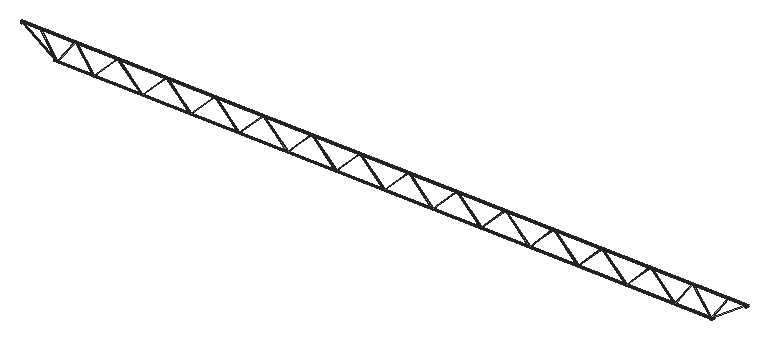
Revit family
Parameters (values of type "80SLH15")
  Variable Panel [instance] = (Length - (End Panel * 2) - IntPanelArrayLength) / 2  # 3068 mm
  Start Offset [instance] = 0 mm
  Start Extension [instance] = 0 mm
  M = 60
  Web Thickness = 25 mm
  Seat Length = 150 mm
  Seat Depth = 125 mm
  Rendering Material = none
  IntPanelWidth [instance] = Depth * 2  # 4064 mm
  IntPanelArrayNum [instance] = (PanelAreaLength / IntPanelWidth) - 2  # 12
  IntPanelArrayLength [instance] = IntPanelArrayNum * IntPanelWidth  # 48768 mm
  PanelAreaLength [instance] = Length - (End Panel * 2)  # 54904 mm
  End Panel = 1.5 * Depth  # 3048 mm
  End Offset [instance] = 0 mm
  End Extension [instance] = 0 mm
  Cord Leg = 63.5 mm
  Chord Thickness = 12.5 mm
  Assembly Code = ""
  Length [instance] = 61000 mm
  Depth = 2032 mm
Reference planes
  plane 1 "Center (Front/Back)": y = 0
  plane 2: z = 0
  plane 3 "Center (Left/Right)": x = 4.61
  plane 4 "Member Left": x = -3551.39
  plane 5 "Member Right": x = 3560.61
  plane 6: y = 76
  plane 7: y = -76
  plane 8: z = 1016
  plane 9: z = -1016
  plane 10 "Left": x = -30495.39
  plane 11 "Stick Symbol Left": x = -3500.59
  plane 12 "Stick Symbol Right": x = 3509.81
  plane 13 "Right": x = 30504.61
  plane 14: z = 891
  plane 15: x = -30345.39
  plane 16: x = -27447.39
  plane 17: x = -27647.39
  plane 18: x = 30354.61
  plane 19: x = 27456.61
  plane 20: y = 12.5
  plane 21: y = -12.5
  plane 22: z = 952.5
  plane 23: z = -952.5
  plane 24: x = 27656.61
  plane 25: x = -28896.39
  plane 26: x = -24379.39
  plane 27: x = 24388.61
  plane 28: x = 28905.61
  plane 29: z = -1009.65
  plane 30: z = 1009.65
  plane 31: x = -30495.39
  plane 32: x = 30504.61
  plane 33: x = -30495.39
  plane 34: x = 30504.61
Forms (mm)
  Extrusion 1, solid, material <- "Rendering Material", detail levels medium+fine
    sketch origin (4.61, 0, 0) x (0, 1, 0) y (0, 0, 1)
      loop
        line (76, 1016) -> (12.5, 1016) -> (12.5, 952.5) -> (25, 952.5) -> (25, 1003.5) -> (76, 1003.5) -> (76, 1016)
      loop
        line (-76, 1016) -> (-76, 1003.5) -> (-25, 1003.5) -> (-25, 952.5) -> (-12.5, 952.5) -> (-12.5, 1016) -> (-76, 1016)
    from -30500 to 30500
  Extrusion 2, solid, material <- "Rendering Material", detail levels medium+fine
    sketch origin (4.61, 0, 0) x (0, 1, 0) y (0, 0, 1)
      loop
        line (12.5, -952.5) -> (12.5, -1016) -> (76, -1016) -> (76, -1003.5) -> (25, -1003.5) -> (25, -952.5) -> (12.5, -952.5)
      loop
        line (-12.5, -952.5) -> (-25, -952.5) -> (-25, -1003.5) -> (-76, -1003.5) -> (-76, -1016) -> (-12.5, -1016) -> (-12.5, -952.5)
    from -27652 to 27652
  Extrusion 3, solid, material <- "Rendering Material", detail levels medium+fine
    sketch origin (4.61, 0, 0) x (0, 1, 0) y (0, 0, 1)
      loop
        line (76, 891) -> (76, 903.5) -> (25, 903.5) -> (25, 952.5) -> (12.5, 952.5) -> (12.5, 891) -> (76, 891)
      loop
        line (-76, 891) -> (-12.5, 891) -> (-12.5, 952.5) -> (-25, 952.5) -> (-25, 903.5) -> (-76, 903.5) -> (-76, 891)
    from 30350 to 30500
  Extrusion 4, solid, material <- "Rendering Material", detail levels medium+fine
    sketch origin (4.61, 0, 0) x (0, 1, 0) y (0, 0, 1)
      loop
        line (-76, 891) -> (-12.5, 891) -> (-12.5, 952.5) -> (-25, 952.5) -> (-25, 903.5) -> (-76, 903.5) -> (-76, 891)
      loop
        line (12.5, 891) -> (76, 891) -> (76, 903.5) -> (25, 903.5) -> (25, 952.5) -> (12.5, 952.5) -> (12.5, 891)
    from -30500 to -30350
  Sweep 5, solid, material <- "Rendering Material", detail levels fine
    path in 3D
      loop
        line (27456.61, 0, -1009.65) -> (30354.61, 0, 952.5)
    profile "Web-Profile : Web-Profile" origin (28905.61, 0, -28.575) x (-0.56065, 0, 0.828053) y (0, -1, 0)
      loop
        line (-25.4, 18.85) -> (-25.4, 6.15) -> (25.4, 6.15) -> (25.4, 18.85) -> (-25.4, 18.85)
  Sweep 6, solid, material <- "Rendering Material", detail levels fine
    path in 3D
      loop
        line (28902.707, 0, 952.5) -> (27456.61, 0, -1009.65)
    profile "Web-Profile : Web-Profile" origin (28179.659, 0, -28.575) x (0.804997, 0, -0.593279) y (0, -1, 0)
      loop
        line (-25.4, 6.35) -> (-25.4, -6.35) -> (25.4, -6.35) -> (25.4, 6.35) -> (-25.4, 6.35)
  Sweep 7, solid, material <- "Rendering Material", detail levels fine
    path in 3D
      loop
        line (-30345.39, 0, 952.5) -> (-27447.39, 0, -1009.65)
    profile "Web-Profile : Web-Profile" origin (-28896.39, 0, -28.575) x (0.56065, 0, 0.828053) y (0, -1, 0)
      loop
        line (-25.4, 6.35) -> (-25.4, -6.35) -> (25.4, -6.35) -> (25.4, 6.35) -> (-25.4, 6.35)
  Sweep 8, solid, material <- "Rendering Material", detail levels fine
    path in 3D
      loop
        line (-27447.39, 0, -1009.65) -> (-28896.39, 0, 952.5)
    profile "Web-Profile : Web-Profile" origin (-28171.89, 0, -28.575) x (-0.804428, 0, -0.59405) y (0, -1, 0)
      loop
        line (-25.4, 6.35) -> (-25.4, -6.35) -> (25.4, -6.35) -> (25.4, 6.35) -> (-25.4, 6.35)
Lines and regions (mm)
  symbolic lines, style "StructuralFraming", detail levels coarse
    curve 1: line (0, 76, 1016) -> (0, 12.5, 1016)
    curve 2: line (0, -76, -1016) -> (0, -12.5, -1016)
    curve 14: line (0, 12.5, -1016) -> (0, 76, -1016)
    curve 15: line (4.61, 12.5, -1016) -> (4.61, 12.5, -952.5)
    curve 16: line (4.61, -12.5, -1016) -> (4.61, -12.5, -952.5)
    curve 17: line (4.61, -12.5, 1016) -> (4.61, -12.5, 952.5)
    curve 18: line (4.61, 12.5, 1016) -> (4.61, 12.5, 952.5)
    curve 19: line (0, -12.5, 1016) -> (0, -76, 1016)
  symbolic lines, style "StructuralFraming", detail levels coarse+medium
    curve 3: line (0, 0, -1016) -> (0, 0, 1016)
  reference lines
    curve 4: line (-3350.59, 0, -1139.508) -> (-3350.59, 0, 1095.692)
    curve 5: line (-302.59, 0, -1145.858) -> (-302.59, 0, 1095.692)
    curve 6: line (3359.81, 0, -1086.588) -> (3359.81, 0, 1097.812)
    curve 7: line (311.81, 0, -1213.588) -> (311.81, 0, 1097.812)
  model lines, style "Web Joist", detail levels coarse
    curve 8: line (311.81, 0, -1016) -> (-302.59, 0, -1016)
    curve 9: line (3509.81, 0, 1016) -> (-3500.59, 0, 1016)
    curve 24: line (-302.59, 0, -1016) -> (-3350.59, 0, 1016)
    curve 25: line (311.81, 0, -1016) -> (3359.81, 0, 1016)
  model lines, style "StructuralFraming", detail levels medium
    curve 10: line (-27447.39, 0, -1009.65) -> (-28896.39, 0, 952.5)
    curve 11: line (-30345.39, 0, 952.5) -> (-27447.39, 0, -1009.65)
    curve 12: line (28902.707, 0, 952.5) -> (27456.61, 0, -1009.65)
    curve 13: line (27456.61, 0, -1009.65) -> (30354.61, 0, 952.5)
  sketch lines
    curve 20: line (27456.61, 0, -1009.65) -> (30354.61, 0, 952.5)
    curve 21: line (28902.707, 0, 952.5) -> (27456.61, 0, -1009.65)
    curve 22: line (-30345.39, 0, 952.5) -> (-27447.39, 0, -1009.65)
    curve 23: line (-27447.39, 0, -1009.65) -> (-28896.39, 0, 952.5)
  symbolic lines, detail levels fine
    curve 26: line (4.61, 12.5, -1009.65) -> (4.61, -12.5, -1009.65)
    curve 27: line (4.61, 12.5, -952.5) -> (4.61, 12.5, 952.5)
    curve 28: line (4.61, 12.5, 1009.65) -> (4.61, -12.5, 1009.65)
    curve 29: line (4.61, -12.5, -952.5) -> (4.61, -12.5, 952.5)
Dimensions and locks
  equal spacing: plane 9, plane 2, plane 8
  "Length": plane 10 "Left" to plane 13 "Right"
  equal spacing: plane 10 "Left", plane 3 "Center (Left/Right)", plane 13 "Right"
  "Seat Length": curve 4 to plane 11 "Stick Symbol Left"
  "End Panel": curve 5 to curve 4
  "Seat Length": curve 6 to plane 12 "Stick Symbol Right"
  "End Panel": curve 6 to curve 7
  "Depth": plane 9 to plane 8
  "Seat Depth": plane 8 to plane 14
  locked: plane 17 to plane 16 at 200
  "End Panel": plane 10 "Left" to plane 16
  "End Panel": plane 13 "Right" to plane 19
  "Web Thickness": plane 20 to plane 21
  equal spacing: plane 20, plane 1 "Center (Front/Back)", plane 21
  "Cord Leg": plane 21 to plane 7
  "Cord Leg": plane 6 to plane 20
  "Cord Leg": plane 9 to plane 23
  "Cord Leg": plane 22 to plane 8
  "Chord Thickness": plane 8 to Extrusion 1 sketch curve
  "Chord Thickness": Extrusion 1 sketch curve to plane 8
  "Chord Thickness": plane 21 to Extrusion 1 sketch curve
  "Chord Thickness": Extrusion 1 sketch curve to plane 20
  "Chord Thickness": plane 9 to Extrusion 2 sketch curve  (x2)
  "Chord Thickness": Extrusion 2 sketch curve to plane 20
  "Chord Thickness": plane 21 to Extrusion 2 sketch curve
  locked: plane 19 to plane 24 at 200
  "Chord Thickness": plane 14 to Extrusion 3 sketch curve  (x2)
  "Chord Thickness": plane 21 to Extrusion 3 sketch curve
  "Chord Thickness": Extrusion 3 sketch curve to plane 20
  "Chord Thickness": plane 14 to Extrusion 4 sketch curve  (x2)
  "Chord Thickness": Extrusion 4 sketch curve to plane 20
  "Chord Thickness": plane 21 to Extrusion 4 sketch curve
  locked: plane 29 to plane 9 at 6.35
  locked: plane 8 to plane 30 at 6.35
  equal spacing: plane 16, plane 25, plane 15
  equal spacing: plane 18, plane 28, plane 19
  equal spacing: plane 27, plane 3 "Center (Left/Right)", plane 26
  "IntPanelArrayLength": plane 27 to plane 26
  equal spacing: group 1, group 3, group 4, group 5, group 6, group 7, group 8, group 9, group 10, group 11, group 12, group 2  (x3)
  "Start Extension": plane 31 to plane 33
  "Seat Length": plane 33 to plane 15
  "Start Offset": plane 10 "Left" to plane 33
  "End Offset": plane 34 to plane 13 "Right"
  "Seat Length": plane 18 to plane 34
  "End Extension": plane 32 to plane 34
  aligned and locked: curve 8 to plane 9
  aligned and locked: curve 9 to plane 8
  aligned and locked: curve 9 to plane 11 "Stick Symbol Left"
  aligned and locked: curve 5 to curve 8
  aligned and locked: curve 7 to curve 8
  aligned and locked: plane 8 to Extrusion 1 sketch curve
  aligned and locked: Extrusion 1 sketch curve to plane 8
  aligned and locked: plane 6 to Extrusion 1 sketch curve
  aligned and locked: plane 7 to Extrusion 1 sketch curve
  aligned and locked: Extrusion 1 sketch curve to plane 22
  aligned and locked: plane 22 to Extrusion 1 sketch curve
  aligned and locked: plane 9 to Extrusion 2 sketch curve
  aligned and locked: Extrusion 2 sketch curve to plane 9
  aligned and locked: Extrusion 2 sketch curve to plane 6
  aligned and locked: Extrusion 2 sketch curve to plane 7
  aligned and locked: plane 20 to Extrusion 2 sketch curve
  aligned and locked: plane 21 to Extrusion 2 sketch curve
  aligned and locked: Extrusion 2 sketch curve to plane 23
  aligned and locked: plane 23 to Extrusion 2 sketch curve
  aligned and locked: Extrusion 2 to plane 24
  aligned and locked: plane 17 to Extrusion 2
  aligned and locked: Extrusion 3 sketch curve to plane 7
  aligned and locked: plane 14 to Extrusion 3 sketch curve
  aligned and locked: Extrusion 3 sketch curve to plane 14
  aligned and locked: Extrusion 3 sketch curve to plane 6
  aligned and locked: plane 21 to Extrusion 3 sketch curve
  aligned and locked: plane 20 to Extrusion 3 sketch curve
  aligned and locked: Extrusion 3 sketch curve to plane 22
  aligned and locked: plane 22 to Extrusion 3 sketch curve
  aligned and locked: Extrusion 3 to plane 18
  aligned and locked: plane 6 to Extrusion 4 sketch curve
  aligned and locked: Extrusion 4 sketch curve to plane 7
  aligned and locked: Extrusion 4 sketch curve to plane 20
  aligned and locked: plane 21 to Extrusion 4 sketch curve
  aligned and locked: plane 22 to Extrusion 4 sketch curve  (x2)
  aligned and locked: Extrusion 4 sketch curve to plane 14  (x2)
  aligned and locked: plane 15 to Extrusion 4
  aligned and locked: Extrusion 2 to curve 15
  aligned and locked: curve 15 to Extrusion 2
  aligned and locked: curve 2 to curve 16
  aligned and locked: curve 16 to Extrusion 2
  aligned and locked: Extrusion 1 to curve 17
  aligned and locked: curve 17 to Extrusion 1
  aligned and locked: curve 18 to Extrusion 1  (x2)
  aligned and locked: curve 1 to Extrusion 1
  aligned and locked: nested 1 to plane 1 "Center (Front/Back)"
  aligned and locked: nested 1 to plane 26
  aligned and locked: nested 2 to plane 27
  aligned and locked: nested 3 to plane 1 "Center (Front/Back)"
  aligned and locked: nested 3 to plane 16
  aligned and locked: nested 4 to plane 19
  aligned and locked: curve 9 to plane 12 "Stick Symbol Right"
  aligned and locked: curve 13 to Extrusion 3
  aligned and locked: plane 25 to curve 10
  aligned and locked: curve 4 to curve 24
  aligned and locked: curve 6 to curve 25
  aligned and locked: Extrusion 4 to plane 31
  aligned and locked: Extrusion 1 to plane 31
  aligned and locked: plane 32 to Extrusion 1
  aligned and locked: plane 32 to Extrusion 3
Automatic sketch dimensions
  Extrusion 1 sketch curve to plane 21 = 0 mm
  Extrusion 1 sketch curve to plane 20 = 0 mm
  curve 14 to plane 6 = 0 mm
  curve 1 to plane 6 = 0 mm
  curve 14 to plane 9 = 0 mm
  curve 14 to plane 20 = 0 mm
  curve 1 to plane 20 = 0 mm
  curve 19 to plane 8 = 0 mm
  curve 19 to plane 21 = 0 mm
  curve 19 to plane 7 = 0 mm
  plane 9 to curve 7 = 197.588 mm
  plane 9 to curve 5 = 129.858 mm
  plane 9 to curve 4 = 123.508 mm
  plane 9 to curve 6 = 70.588 mm
  curve 5 to plane 8 = 79.692 mm
  curve 4 to plane 8 = 79.692 mm
  curve 7 to plane 8 = 81.812 mm
  curve 6 to plane 8 = 81.812 mm
  curve 11 to plane 15 = 0 mm
  curve 10 to plane 16 = 0 mm
  curve 12 to plane 19 = 0 mm
  curve 12 to plane 22 = 0 mm
  curve 13 to plane 18 = 0 mm
  curve 10 to plane 29 = 0 mm
  curve 13 to plane 29 = 0 mm
  curve 10 to plane 22 = 0 mm
  plane 28 to curve 12 = 2.903 mm
  curve 2 to plane 7 = 0 mm
  curve 2 to plane 9 = 0 mm
  curve 2 to plane 21 = 0 mm
  curve 3 to plane 1 "Center (Front/Back)" = 0 mm
  curve 3 to plane 9 = 0 mm
  curve 26 to plane 29 = 0 mm
  curve 29 to plane 23 = 0 mm
  curve 15 to plane 23 = 0 mm
  curve 17 to plane 22 = 0 mm
  curve 27 to plane 22 = 0 mm
  curve 28 to plane 30 = 0 mm
  curve 3 to plane 8 = 0 mm
  curve 11 to plane 22 = 0 mm
Nested families
  nested 1: "Angled Web" at (-24379.39, 0, 0), type "Angled Web"
    with PanelHeight 2032 mm, PanelWidth 4064 mm
  nested 2: "Angled Web" at (20324.61, 0, 0), type "Angled Web"
    with PanelHeight 2032 mm, PanelWidth 4064 mm
  nested 3: "Angled Web-Variable" at (-27447.39, 0, 0), PanelWidth <- "Variable Panel", type "Angled Web-Variable"
    with PanelWidth 3068 mm, PanelHeight 2032 mm
  nested 4: "Angled Web-Variable" at (24388.61, 0, 0), PanelWidth <- "Variable Panel", type "Angled Web-Variable"
    with PanelWidth 3068 mm, PanelHeight 2032 mm
  nested 5: "Angled Web" at (-20315.39, 0, 0), type "Angled Web"
    with PanelHeight 2032 mm, PanelWidth 4064 mm
  nested 6: "Angled Web" at (-16251.39, 0, 0), type "Angled Web"
    with PanelHeight 2032 mm, PanelWidth 4064 mm
  nested 7: "Angled Web" at (-12187.39, 0, 0), type "Angled Web"
    with PanelHeight 2032 mm, PanelWidth 4064 mm
  nested 8: "Angled Web" at (-8123.39, 0, 0), type "Angled Web"
    with PanelHeight 2032 mm, PanelWidth 4064 mm
  nested 9: "Angled Web" at (-4059.39, 0, 0), type "Angled Web"
    with PanelHeight 2032 mm, PanelWidth 4064 mm
  nested 10: "Angled Web" at (4.61, 0, 0), type "Angled Web"
    with PanelHeight 2032 mm, PanelWidth 4064 mm
  nested 11: "Angled Web" at (4068.61, 0, 0), type "Angled Web"
    with PanelHeight 2032 mm, PanelWidth 4064 mm
  nested 12: "Angled Web" at (8132.61, 0, 0), type "Angled Web"
    with PanelHeight 2032 mm, PanelWidth 4064 mm
  nested 13: "Angled Web" at (12196.61, 0, 0), type "Angled Web"
    with PanelHeight 2032 mm, PanelWidth 4064 mm
  nested 14: "Angled Web" at (16260.61, 0, 0), type "Angled Web"
    with PanelHeight 2032 mm, PanelWidth 4064 mm
Definition of nested family "Angled Web"
  Parameters (values of type "Angled Web")
    WebMaterial = none
    Web Thickness = Thickness / 2  # 12.5 mm
    Web Offset = Web Leg / 2  # 25.4 mm
    Web Leg = 50.8 mm
    Thickness = 25 mm
    PanelHeight = 1321 mm
    PanelWidth = 2642 mm
    Assembly Code = ""
  Reference planes
    plane 1 "Center (Front/Back)": y = 0
    plane 2: z = 0
    plane 3 "Center (Left/Right)": x = 0
    plane 4: x = 2642
    plane 5: x = 1321
    plane 6: z = -660.5
    plane 7: z = -635.1
    plane 8: z = 635.5
    plane 9: z = 660.5
    plane 10: y = -12.5
    plane 11: y = 12.5
    plane 12: z = 597
    plane 13: z = -597
  Forms (mm)
    Sweep 1, solid, material <- "WebMaterial", detail levels fine
      path in 3D
        loop
          line (0, 0, -635.1) -> (25.4, 0, -635.1) -> (1295.6, 0, 635.5) -> (1346.4, 0, 635.5)
      profile origin (12.7, 0, -635.1) x (0, 0, 1) y (0, -1, 0)
        loop
          line (25.4, 0) -> (25.4, 12.5) -> (-25.4, 12.5) -> (-25.4, 0) -> (25.4, 0)
    Sweep 2, solid, material <- "WebMaterial", detail levels fine
      path in 3D
        loop
          line (2642, 0, -635.1) -> (2616.6, 0, -635.1) -> (1346.4, 0, 635.5) -> (1295.6, 0, 635.5)
      profile origin (2629.3, 0, -635.1) x (0, 0, -1) y (0, -1, 0)
        loop
          line (-25.4, -12.5) -> (25.4, -12.5) -> (25.4, 0) -> (-25.4, 0) -> (-25.4, -12.5)
    Sweep 3, solid, material <- "WebMaterial", detail levels fine
      path in 3D
        loop
          line (99.413, -12.5, -596.99) -> (1293.425, -12.5, 597.398)
      profile origin (696.419, -12.5, 0.204) x (-0.707218, 0, 0.706995) y (0, -1, 0)
        loop
          line (0, 0) -> (12.5, 0) -> (12.5, 38.3) -> (0, 38.3) -> (0, 0)
    Sweep 4, solid, material <- "WebMaterial", detail levels fine
      path in 3D
        loop
          line (2542.587, 12.5, -596.99) -> (1348.575, 12.5, 597.398)
      profile origin (1945.581, 12.5, 0.204) x (0.707218, 0, 0.706995) y (0, 1, 0)
        loop
          line (0, 0) -> (12.5, 0) -> (12.5, 38.3) -> (0, 38.3) -> (0, 0)
  Cuts and joins
    joined: Sweep 1, Sweep 3
    joined: Sweep 2, Sweep 4
  Lines and regions (mm)
    model lines, style "InvisibleLines"
      curve 1: line (0, 0, -660.5) -> (0, 0, 660.5)
      curve 2: line (0, 0, 660.5) -> (2642, 0, 660.5)
      curve 3: line (2642, 0, 660.5) -> (2642, 0, -660.5)
      curve 4: line (2642, 0, -660.5) -> (0, 0, -660.5)
    model lines, style "StructuralFraming", detail levels medium
      curve 5: line (1295.6, 0, 635.5) -> (1346.4, 0, 635.5)
      curve 6: line (0, 0, -635.1) -> (25.4, 0, -635.1)
      curve 7: line (2642, 0, -635.1) -> (2616.6, 0, -635.1)
      curve 8: line (25.4, 0, -635.1) -> (1295.6, 0, 635.5)
      curve 9: line (1346.4, 0, 635.5) -> (2616.6, 0, -635.1)
    sketch lines
      curve 10: line (0, 0, -635.1) -> (25.4, 0, -635.1)
      curve 11: line (25.4, 0, -635.1) -> (1295.6, 0, 635.5)
      curve 12: line (1295.6, 0, 635.5) -> (1346.4, 0, 635.5)
      curve 13: line (2642, 0, -635.1) -> (2616.6, 0, -635.1)
      curve 14: line (1346.4, 0, 635.5) -> (2616.6, 0, -635.1)
      curve 15: line (1295.6, 0, 635.5) -> (1346.4, 0, 635.5)
      curve 16: line (99.413, -12.5, -596.99) -> (1293.425, -12.5, 597.398)
      curve 17: line (2542.587, 12.5, -596.99) -> (1348.575, 12.5, 597.398)
  Dimensions and locks
    "PanelWidth": plane 4 to plane 3 "Center (Left/Right)"
    equal spacing: plane 4, plane 5, plane 3 "Center (Left/Right)"
    plane 7 to plane 6 = 25.4 mm
    "Thickness": plane 9 to plane 8
    "PanelHeight": plane 9 to plane 6
    equal spacing: plane 9, plane 2, plane 6
    "Thickness": plane 11 to plane 10
    equal spacing: plane 11, plane 1 "Center (Front/Back)", plane 10
    locked: plane 9 to plane 12 at 63.5
    plane 13 to plane 6 = 63.5 mm
    "Web Offset": plane 7 to plane 6
    "Web Offset": curve 6 to plane 3 "Center (Left/Right)"
    "Web Offset": curve 7 to plane 4
    "Web Offset": plane 5 to curve 5
    "Web Offset": curve 5 to plane 5
    "Web Leg": Sweep 1 sketch curve to Sweep 1 sketch curve
    equal spacing: Sweep 1 sketch curve, plane 7, Sweep 1 sketch curve
    equal spacing: Sweep 2 sketch curve, profile plane, Sweep 2 sketch curve
    "Web Leg": Sweep 2 sketch curve to Sweep 2 sketch curve
    "Web Leg": plane 1 "Center (Front/Back)" to Sweep 3 sketch curve
    "Web Thickness": Sweep 3 sketch curve to Sweep 3 sketch curve
    "Web Leg": plane 1 "Center (Front/Back)" to Sweep 4 sketch curve
    "Web Thickness": Sweep 4 sketch curve to Sweep 4 sketch curve
    aligned and locked: plane 8 to curve 5
    aligned and locked: curve 7 to plane 7
    aligned and locked: plane 7 to curve 6
    aligned and locked: plane 9 to curve 2
    aligned and locked: plane 10 to Sweep 1 sketch curve
    aligned and locked: Sweep 1 sketch curve to plane 1 "Center (Front/Back)"
    aligned and locked: Sweep 2 sketch curve to plane 11
    aligned and locked: profile plane to Sweep 2 sketch curve
    aligned and locked: Sweep 1 to curve 16
    aligned and locked: Sweep 3 sketch curve to profile plane
    aligned and locked: plane 10 to Sweep 3 sketch curve
    aligned and locked: plane 11 to Sweep 4 sketch curve
    aligned and locked: profile plane to Sweep 4 sketch curve
  Automatic sketch dimensions
    curve 1 to plane 3 "Center (Left/Right)" = 0 mm
    curve 3 to plane 4 = 0 mm
    curve 4 to plane 6 = 0 mm
Definition of nested family "Angled Web-Variable"
  Parameters (values of type "Angled Web-Variable")
    WebMaterial = none
    Web Thickness = Thickness / 2  # 12.5 mm
    Web Offset = Web Leg / 2  # 25.4 mm
    Web Leg = 50.8 mm
    Thickness = 25 mm
    PanelHeight = 1321 mm
    PanelWidth [instance] = 1524 mm
    Assembly Code = ""
  Reference planes
    plane 1 "Center (Front/Back)": y = 0
    plane 2: z = 0
    plane 3 "Center (Left/Right)": x = 0
    plane 4: x = 1524
    plane 5: x = 762
    plane 6: z = -660.5
    plane 7: z = -635.1
    plane 8: z = 635.5
    plane 9: z = 660.5
    plane 10: y = -12.5
    plane 11: y = 12.5
    plane 12: z = 597
    plane 13: z = -597
  Forms (mm)
    Sweep 1, solid, material <- "WebMaterial", detail levels fine
      path in 3D
        loop
          line (0, 0, -635.1) -> (25.4, 0, -635.1) -> (736.6, 0, 635.5) -> (787.4, 0, 635.5)
      profile origin (12.7, 0, -635.1) x (0, 0, 1) y (0, -1, 0)
        loop
          line (25.4, 0) -> (25.4, 12.5) -> (-25.4, 12.5) -> (-25.4, 0) -> (25.4, 0)
    Sweep 2, solid, material <- "WebMaterial", detail levels fine
      path in 3D
        loop
          line (1524, 0, -635.1) -> (1498.6, 0, -635.1) -> (787.4, 0, 635.5) -> (736.6, 0, 635.5)
      profile origin (1511.3, 0, -635.1) x (0, 0, -1) y (0, -1, 0)
        loop
          line (-25.4, -12.5) -> (25.4, -12.5) -> (25.4, 0) -> (-25.4, 0) -> (-25.4, -12.5)
    Sweep 3, solid, material <- "WebMaterial", detail levels fine
      path in 3D
        loop
          line (84.153, -12.5, -582.138) -> (742.719, -12.5, 594.428)
      profile origin (413.436, -12.5, 6.145) x (-0.872604, 0, 0.488428) y (0, -1, 0)
        loop
          line (0, 0) -> (12.5, 0) -> (12.5, 38.3) -> (0, 38.3) -> (0, 0)
    Sweep 4, solid, material <- "WebMaterial", detail levels fine
      path in 3D
        loop
          line (1439.847, 12.5, -582.138) -> (781.281, 12.5, 594.428)
      profile origin (1110.564, 12.5, 6.145) x (0.872604, 0, 0.488428) y (0, 1, 0)
        loop
          line (0, 0) -> (12.5, 0) -> (12.5, 38.3) -> (0, 38.3) -> (0, 0)
  Cuts and joins
    joined: Sweep 1, Sweep 3
    joined: Sweep 2, Sweep 4
  Lines and regions (mm)
    model lines, style "InvisibleLines"
      curve 1: line (0, 0, -660.5) -> (0, 0, 660.5)
      curve 2: line (0, 0, 660.5) -> (1524, 0, 660.5)
      curve 3: line (1524, 0, 660.5) -> (1524, 0, -660.5)
      curve 4: line (1524, 0, -660.5) -> (0, 0, -660.5)
    model lines, style "StructuralFraming", detail levels medium
      curve 5: line (736.6, 0, 635.5) -> (787.4, 0, 635.5)
      curve 6: line (0, 0, -635.1) -> (25.4, 0, -635.1)
      curve 7: line (1524, 0, -635.1) -> (1498.6, 0, -635.1)
      curve 8: line (25.4, 0, -635.1) -> (736.6, 0, 635.5)
      curve 9: line (787.4, 0, 635.5) -> (1498.6, 0, -635.1)
    sketch lines
      curve 10: line (0, 0, -635.1) -> (25.4, 0, -635.1)
      curve 11: line (25.4, 0, -635.1) -> (736.6, 0, 635.5)
      curve 12: line (736.6, 0, 635.5) -> (787.4, 0, 635.5)
      curve 13: line (1524, 0, -635.1) -> (1498.6, 0, -635.1)
      curve 14: line (787.4, 0, 635.5) -> (1498.6, 0, -635.1)
      curve 15: line (736.6, 0, 635.5) -> (787.4, 0, 635.5)
      curve 16: line (84.153, -12.5, -582.138) -> (742.719, -12.5, 594.428)
      curve 17: line (1439.847, 12.5, -582.138) -> (781.281, 12.5, 594.428)
  Dimensions and locks
    "PanelWidth": plane 4 to plane 3 "Center (Left/Right)"
    equal spacing: plane 4, plane 5, plane 3 "Center (Left/Right)"
    plane 7 to plane 6 = 25.4 mm
    "Thickness": plane 9 to plane 8
    "PanelHeight": plane 9 to plane 6
    equal spacing: plane 9, plane 2, plane 6
    "Thickness": plane 11 to plane 10
    equal spacing: plane 11, plane 1 "Center (Front/Back)", plane 10
    locked: plane 9 to plane 12 at 63.5
    plane 13 to plane 6 = 63.5 mm
    "Web Offset": plane 7 to plane 6
    "Web Offset": curve 6 to plane 3 "Center (Left/Right)"
    "Web Offset": curve 7 to plane 4
    "Web Offset": plane 5 to curve 5
    "Web Offset": curve 5 to plane 5
    "Web Leg": Sweep 1 sketch curve to Sweep 1 sketch curve
    equal spacing: Sweep 1 sketch curve, plane 7, Sweep 1 sketch curve
    equal spacing: Sweep 2 sketch curve, profile plane, Sweep 2 sketch curve
    "Web Leg": Sweep 2 sketch curve to Sweep 2 sketch curve
    "Web Leg": plane 1 "Center (Front/Back)" to Sweep 3 sketch curve
    "Web Thickness": Sweep 3 sketch curve to Sweep 3 sketch curve
    "Web Leg": plane 1 "Center (Front/Back)" to Sweep 4 sketch curve
    "Web Thickness": Sweep 4 sketch curve to Sweep 4 sketch curve
    aligned and locked: plane 8 to curve 5
    aligned and locked: curve 7 to plane 7
    aligned and locked: plane 7 to curve 6
    aligned and locked: plane 9 to curve 2
    aligned and locked: plane 10 to Sweep 1 sketch curve
    aligned and locked: Sweep 1 sketch curve to plane 1 "Center (Front/Back)"
    aligned and locked: Sweep 2 sketch curve to plane 11
    aligned and locked: profile plane to Sweep 2 sketch curve
    aligned and locked: Sweep 1 to curve 16
    aligned and locked: Sweep 3 sketch curve to profile plane
    aligned and locked: plane 10 to Sweep 3 sketch curve
    aligned and locked: Sweep 4 sketch curve to plane 11
    aligned and locked: profile plane to Sweep 4 sketch curve
  Automatic sketch dimensions
    curve 1 to plane 3 "Center (Left/Right)" = 0 mm
    curve 3 to plane 4 = 0 mm
    curve 4 to plane 6 = 0 mm
